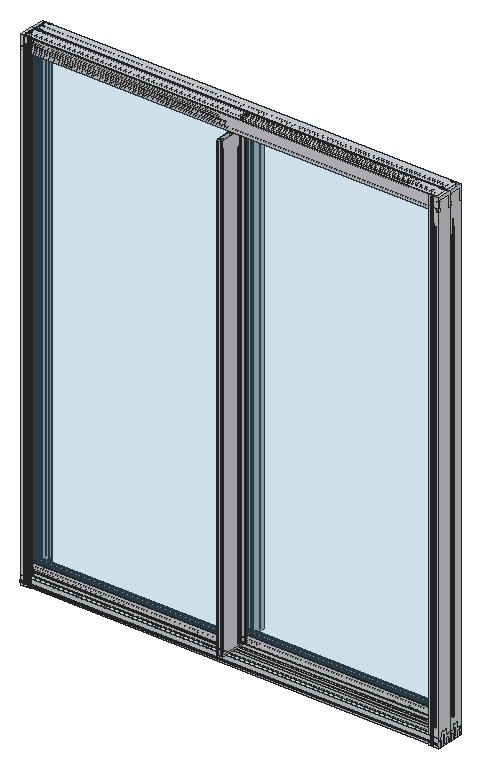
Revit family "Edge S - OX+", category Doors, host Wall, Revit 2019 (continued)
Definition of nested family "Edge S Panel"
  Definition of nested family "Panel Head"
    Automatic sketch dimensions
      Extrusion 1 sketch curve to Extrusion 1 sketch curve = 0.12637"
      Extrusion 1 sketch curve to Extrusion 1 sketch curve = 0.375"
      Extrusion 1 sketch curve to Extrusion 1 sketch curve = 0.07068"
      Extrusion 1 sketch curve to Extrusion 1 sketch curve = 0.05568"
      Extrusion 1 sketch curve to Extrusion 1 sketch curve = 0.01135"  (x2)
      Extrusion 1 sketch curve to Extrusion 1 sketch curve = 0.04182"
      Extrusion 1 sketch curve to Extrusion 1 sketch curve = 0.01387"  (x2)
      Extrusion 1 sketch curve to Extrusion 1 sketch curve = 0.025"  (x2)
      Extrusion 1 sketch curve to Extrusion 1 sketch curve = 0.04613"  (x2)
      Extrusion 1 sketch curve to Extrusion 1 sketch curve = 0.05047"  (x2)
      Extrusion 1 sketch curve to Extrusion 1 sketch curve = 0.05068"  (x2)
      Extrusion 1 sketch curve to Extrusion 1 sketch curve = 0.21875"  (x2)
      Extrusion 1 sketch curve to Extrusion 1 sketch curve = 0.00125"  (x2)
      Extrusion 1 sketch curve to Extrusion 1 sketch curve = 0.06375"
      Extrusion 1 sketch curve to Extrusion 1 sketch curve = 0.0325"
  Definition of nested family "Panel Sill"
    Parameters (values of type "Panel Sill")
      Track Width [instance] = 12.000"
    Reference planes (in)
      plane 1 "Center (Front/Back)": y = 0
      plane 2: z = 0
      plane 3 "Center (Left/Right)": x = 0
    Forms (in)
      Extrusion 1, solid
        sketch origin (6.09375, 19.86337, -84.09992) x (0, -1, 0) y (0, 0, 1)
          loop
            line (19.13462, 83.97492) -> (19.22837, 83.97492) -> (19.22837, 84.07243)
            arc (19.22837, 84.07243) -> (19.22032, 84.09187) -> (19.20088, 84.09992) r 0.02748
            line (19.20088, 84.09992) -> (19.09462, 84.09992)
            arc (19.09462, 84.09992) -> (19.0734, 84.09113) -> (19.06462, 84.06992) r 0.03
            arc (19.06462, 84.06992) -> (19.05554, 84.09084) -> (19.03362, 84.09992) r 0.031
            line (19.03362, 84.09992) -> (18.95335, 84.09992)
            arc (18.95335, 84.09992) -> (18.93392, 84.09187) -> (18.92587, 84.07243) r 0.02748
            line (18.92587, 84.07243) -> (18.92587, 82.75592)
            arc (18.92587, 82.75592) -> (18.93495, 82.734) -> (18.95687, 82.72492) r 0.031
            line (18.95687, 82.72492) -> (19.15087, 82.72492) -> (19.15087, 82.68562) -> (18.97265, 82.68562)
            arc (18.97265, 82.68562) -> (19.06758, 82.50898) -> (19.26735, 82.49159) r 0.2109
            arc (19.26735, 82.49159) -> (19.27306, 82.50493) -> (19.26006, 82.51136) r 0.01055
            arc (19.26006, 82.51136) -> (19.11741, 82.52497) -> (19.02638, 82.63562) r 0.1868
            line (19.02638, 82.63562) -> (19.22987, 82.63562) -> (19.22987, 82.60072) -> (19.28487, 82.60072) -> (19.28487, 82.68562) -> (19.20087, 82.68562) -> (19.20087, 82.72492) -> (19.42587, 82.72492) -> (19.42587, 82.97492) -> (19.58212, 82.97492) -> (19.58212, 82.94367) -> (19.45712, 82.94367) -> (19.45712, 82.68242)
            arc (19.45712, 82.68242) -> (19.46297, 82.66827) -> (19.47712, 82.66242) r 0.02
            line (19.47712, 82.66242) -> (19.64462, 82.66242)
            arc (19.64462, 82.66242) -> (19.68881, 82.64411) -> (19.70712, 82.59992) r 0.0625
            line (19.70712, 82.59992) -> (19.70712, 82.41617)
            arc (19.70712, 82.41617) -> (19.70933, 82.39969) -> (19.71581, 82.38438) r 0.0625
            line (19.71581, 82.38438) -> (19.76141, 82.33512)
            arc (19.76141, 82.33512) -> (19.76734, 82.32037) -> (19.76937, 82.3046) r 0.0625
            line (19.76937, 82.3046) -> (19.76937, 82.25642)
            arc (19.76937, 82.25642) -> (19.7969, 82.18995) -> (19.86337, 82.16242) r 0.094
            arc (19.86337, 82.16242) -> (19.92983, 82.18995) -> (19.95737, 82.25642) r 0.094
            line (19.95737, 82.25642) -> (19.95737, 82.3046)
            arc (19.95737, 82.3046) -> (19.95939, 82.32037) -> (19.96532, 82.33512) r 0.0625
            line (19.96532, 82.33512) -> (20.01092, 82.38438)
            arc (20.01092, 82.38438) -> (20.0174, 82.39969) -> (20.01962, 82.41617) r 0.0625
            line (20.01962, 82.41617) -> (20.01962, 82.59992)
            arc (20.01962, 82.59992) -> (20.03792, 82.64411) -> (20.08212, 82.66242) r 0.0625
            line (20.08212, 82.66242) -> (20.24962, 82.66242)
            arc (20.24962, 82.66242) -> (20.26376, 82.66827) -> (20.26962, 82.68242) r 0.02
            line (20.26962, 82.68242) -> (20.26962, 82.94367) -> (20.14462, 82.94367) -> (20.14462, 82.97492) -> (20.30087, 82.97492) -> (20.30087, 82.72492) -> (20.52587, 82.72492) -> (20.52587, 82.68562) -> (20.34759, 82.68562)
            arc (20.34759, 82.68562) -> (20.44251, 82.50898) -> (20.64229, 82.49159) r 0.2109
            arc (20.64229, 82.49159) -> (20.648, 82.50493) -> (20.635, 82.51136) r 0.01055
            arc (20.635, 82.51136) -> (20.49235, 82.52497) -> (20.40132, 82.63562) r 0.1868
            line (20.40132, 82.63562) -> (20.6048, 82.63562) -> (20.6048, 82.60072) -> (20.6598, 82.60072) -> (20.6598, 82.68562) -> (20.57587, 82.68562) -> (20.57587, 82.72492) -> (20.76987, 82.72492)
            arc (20.76987, 82.72492) -> (20.79179, 82.734) -> (20.80087, 82.75592) r 0.031
            line (20.80087, 82.75592) -> (20.80087, 84.07243)
            arc (20.80087, 84.07243) -> (20.79282, 84.09187) -> (20.77338, 84.09992) r 0.02748
            line (20.77338, 84.09992) -> (20.69312, 84.09992)
            arc (20.69312, 84.09992) -> (20.6712, 84.09084) -> (20.66212, 84.06892) r 0.031
            arc (20.66212, 84.06892) -> (20.65333, 84.09113) -> (20.63212, 84.09992) r 0.03
            line (20.63212, 84.09992) -> (20.52585, 84.09992)
            arc (20.52585, 84.09992) -> (20.50642, 84.09187) -> (20.49837, 84.07243) r 0.02748
            line (20.49837, 84.07243) -> (20.49837, 83.97492) -> (20.59212, 83.97492) -> (20.59212, 83.59992) -> (20.55329, 83.59992)
            arc (20.55329, 83.59992) -> (20.54329, 83.58992) -> (20.53329, 83.59992) r 0.01
            line (20.53329, 83.59992) -> (20.49837, 83.59992) -> (20.49837, 83.53742) -> (20.35201, 83.53742)
            arc (20.35201, 83.53742) -> (20.33794, 83.53159) -> (20.33212, 83.51752) r 0.0199
            line (20.33212, 83.51752) -> (20.33212, 83.45854)
            arc (20.33212, 83.45854) -> (20.3383, 83.4436) -> (20.35324, 83.43742) r 0.02113
            line (20.35324, 83.43742) -> (20.60693, 83.43742)
            arc (20.60693, 83.43742) -> (20.63698, 83.44746) -> (20.65497, 83.47355) r 0.05
            line (20.65497, 83.47355) -> (20.67104, 83.52923) -> (20.70712, 83.52923) -> (20.70712, 83.41242) -> (20.55087, 83.41242) -> (20.55087, 83.19367) -> (20.51962, 83.19367) -> (20.51962, 83.41242) -> (19.86337, 83.41242) -> (19.20712, 83.41242) -> (19.20712, 83.19367) -> (19.17587, 83.19367) -> (19.17587, 83.41242) -> (19.01962, 83.41242) -> (19.01962, 83.52923) -> (19.05569, 83.52923) -> (19.07177, 83.47355)
            arc (19.07177, 83.47355) -> (19.08975, 83.44746) -> (19.11981, 83.43742) r 0.05
            line (19.11981, 83.43742) -> (19.37349, 83.43742)
            arc (19.37349, 83.43742) -> (19.38843, 83.4436) -> (19.39462, 83.45854) r 0.02113
            line (19.39462, 83.45854) -> (19.39462, 83.51752)
            arc (19.39462, 83.51752) -> (19.38879, 83.53159) -> (19.37472, 83.53742) r 0.0199
            line (19.37472, 83.53742) -> (19.22837, 83.53742) -> (19.22837, 83.59992) -> (19.19344, 83.59992)
            arc (19.19344, 83.59992) -> (19.18344, 83.58992) -> (19.17344, 83.59992) r 0.01
            line (19.17344, 83.59992) -> (19.13462, 83.59992) -> (19.13462, 83.97492)
        from 0.09375 to 12.09375
    Dimensions and locks (in)
      equal spacing: Extrusion 1, plane 3 "Center (Left/Right)", Extrusion 1
      "Track Width": Extrusion 1 to Extrusion 1
      aligned and locked: plane 2 to level
    Automatic sketch dimensions
      Extrusion 1 sketch curve to Extrusion 1 sketch curve = 0.000"  (x8)
      Extrusion 1 sketch curve to level = 0.000"  (x4)
      Extrusion 1 sketch curve to plane 1 "Center (Front/Back)" = 0.000"  (x3)
      Extrusion 1 sketch curve to plane 1 "Center (Front/Back)" = 0.09375"
      Extrusion 1 sketch curve to plane 1 "Center (Front/Back)" = 0.094"
      Extrusion 1 sketch curve to Extrusion 1 sketch curve = 0.00796"  (x2)
      Extrusion 1 sketch curve to Extrusion 1 sketch curve = 0.05381"  (x2)
      Extrusion 1 sketch curve to Extrusion 1 sketch curve = 0.00869"  (x2)
      Extrusion 1 sketch curve to Extrusion 1 sketch curve = 0.0625"  (x5)
      Extrusion 1 sketch curve to plane 1 "Center (Front/Back)" = 0.28125"
      Extrusion 1 sketch curve to Extrusion 1 sketch curve = 0.1675"  (x2)
      Extrusion 1 sketch curve to Extrusion 1 sketch curve = 0.125"  (x2)
      Extrusion 1 sketch curve to Extrusion 1 sketch curve = 0.03125"  (x6)
      Extrusion 1 sketch curve to plane 1 "Center (Front/Back)" = 0.46875"
      Extrusion 1 sketch curve to Extrusion 1 sketch curve = 0.0199"  (x2)
      Extrusion 1 sketch curve to Extrusion 1 sketch curve = 0.02113"  (x2)
      Extrusion 1 sketch curve to Extrusion 1 sketch curve = 0.141"
      Extrusion 1 sketch curve to Extrusion 1 sketch curve = 0.02171"
      Extrusion 1 sketch curve to Extrusion 1 sketch curve = 0.055"  (x2)
      Extrusion 1 sketch curve to Extrusion 1 sketch curve = 0.14635"  (x2)
      Extrusion 1 sketch curve to level = 0.125"  (x2)
      Extrusion 1 sketch curve to Extrusion 1 sketch curve = 0.16637"
      Extrusion 1 sketch curve to Extrusion 1 sketch curve = 0.02475"
      Extrusion 1 sketch curve to Extrusion 1 sketch curve = 0.02748"  (x2)
      Extrusion 1 sketch curve to Extrusion 1 sketch curve = 0.00425"
      Extrusion 1 sketch curve to Extrusion 1 sketch curve = 0.03492"  (x2)
      Extrusion 1 sketch curve to Extrusion 1 sketch curve = 0.01731"
      Extrusion 1 sketch curve to Extrusion 1 sketch curve = 0.010"  (x2)
      Extrusion 1 sketch curve to Extrusion 1 sketch curve = 0.03269"
      Extrusion 1 sketch curve to Extrusion 1 sketch curve = 0.09375"  (x2)
      Extrusion 1 sketch curve to Extrusion 1 sketch curve = 0.05606"  (x2)
      Extrusion 1 sketch curve to Extrusion 1 sketch curve = 0.10627"  (x2)
      Extrusion 1 sketch curve to level = 0.62637"  (x2)
      Extrusion 1 sketch curve to Extrusion 1 sketch curve = 0.04804"  (x2)
      Extrusion 1 sketch curve to Extrusion 1 sketch curve = 0.01607"  (x2)
      Extrusion 1 sketch curve to Extrusion 1 sketch curve = 0.061"  (x2)
      Extrusion 1 sketch curve to Extrusion 1 sketch curve = 0.12449"
      Extrusion 1 sketch curve to Extrusion 1 sketch curve = 0.03607"
      Extrusion 1 sketch curve to Extrusion 1 sketch curve = 0.05373"  (x2)
      Extrusion 1 sketch curve to Extrusion 1 sketch curve = 0.01579"
      Extrusion 1 sketch curve to Extrusion 1 sketch curve = 0.08027"  (x2)
      Extrusion 1 sketch curve to Extrusion 1 sketch curve = 0.031"  (x3)
      plane 1 "Center (Front/Back)" to Extrusion 1 sketch curve = 0.09375"
      Extrusion 1 sketch curve to Extrusion 1 sketch curve = 0.05454"
      plane 1 "Center (Front/Back)" to Extrusion 1 sketch curve = 0.28125"
      plane 1 "Center (Front/Back)" to Extrusion 1 sketch curve = 0.46875"
      Extrusion 1 sketch curve to Extrusion 1 sketch curve = 0.04672"
      Extrusion 1 sketch curve to Extrusion 1 sketch curve = 0.02125"
      Extrusion 1 sketch curve to Extrusion 1 sketch curve = 0.12455"
      Extrusion 1 sketch curve to Extrusion 1 sketch curve = 0.03263"
      Extrusion 1 sketch curve to Extrusion 1 sketch curve = 0.01737"
      Extrusion 1 sketch curve to Extrusion 1 sketch curve = 0.00419"
      Extrusion 1 sketch curve to Extrusion 1 sketch curve = 0.02894"
      Extrusion 1 sketch curve to Extrusion 1 sketch curve = 0.03329"
      Extrusion 1 sketch curve to Extrusion 1 sketch curve = 0.05215"
      Extrusion 1 sketch curve to Extrusion 1 sketch curve = 0.11006"
      Extrusion 1 sketch curve to level = 0.02748"
      Extrusion 1 sketch curve to Extrusion 1 sketch curve = 0.01501"  (x2)
      Extrusion 1 sketch curve to Extrusion 1 sketch curve = 0.025"
      Extrusion 1 sketch curve to Extrusion 1 sketch curve = 0.21875"  (x6)
      Extrusion 1 sketch curve to Extrusion 1 sketch curve = 0.43775"  (x2)
      Extrusion 1 sketch curve to Extrusion 1 sketch curve = 0.03502"  (x2)
      Extrusion 1 sketch curve to Extrusion 1 sketch curve = 0.00427"  (x2)
      Extrusion 1 sketch curve to Extrusion 1 sketch curve = 0.03929"  (x2)
      Extrusion 1 sketch curve to Extrusion 1 sketch curve = 0.00049"  (x2)
      Extrusion 1 sketch curve to Extrusion 1 sketch curve = 0.0425"  (x2)
      Extrusion 1 sketch curve to Extrusion 1 sketch curve = 0.050"  (x2)
      Extrusion 1 sketch curve to Extrusion 1 sketch curve = 0.0349"  (x2)
      Extrusion 1 sketch curve to Extrusion 1 sketch curve = 0.09945"  (x2)
      Extrusion 1 sketch curve to Extrusion 1 sketch curve = 0.18374"  (x2)
      Extrusion 1 sketch curve to Extrusion 1 sketch curve = 0.04926"  (x2)
      Extrusion 1 sketch curve to Extrusion 1 sketch curve = 0.04818"
      Extrusion 1 sketch curve to Extrusion 1 sketch curve = 0.05898"  (x2)
      Extrusion 1 sketch curve to Extrusion 1 sketch curve = 0.05568"  (x2)
      Extrusion 1 sketch curve to Extrusion 1 sketch curve = 0.030"  (x2)
  Definition of nested family "Keep Interlock with Fin Single"
    Parameters (values of type "Keep Interlock with Fin Single")
      Jamb Height [instance] = 60.000"
    Reference planes (in)
      plane 1 "Center (Front/Back)": y = 0
      plane 2: z = 0
      plane 3 "Center (Left/Right)": x = 0
      plane 4: z = 60
      plane 5: z = 0
      plane 6: y = 2.5
      plane 7: y = 1.25
      plane 8: y = 0
      plane 9: y = -1.25
      plane 10: y = -2.5
      plane 11: x = -0.5
      plane 12: x = 0
      plane 13: x = 0.5
      plane 14: x = -0.5
      plane 15: x = 0
      plane 16: x = 0.5
    Forms (in)
      Extrusion 1, solid
        sketch origin (19.06238, -6.87794, 0) x (1, 0, 0) y (0, 1, 0)
          loop
            line (-19.46238, 4.68419) -> (-19.46238, 2.29044) -> (-19.12238, 2.29044) -> (-19.11878, 2.32517)
            arc (-19.11878, 2.32517) -> (-19.21517, 2.4356) -> (-19.17837, 2.57749) r 0.157
            arc (-19.17837, 2.57749) -> (-19.12681, 2.57986) -> (-19.12444, 2.5283) r 0.0365
            arc (-19.12444, 2.5283) -> (-19.06238, 2.38769) -> (-19.00031, 2.5283) r 0.084
            arc (-19.00031, 2.5283) -> (-18.99794, 2.57986) -> (-18.94638, 2.57749) r 0.0365
            arc (-18.94638, 2.57749) -> (-18.90958, 2.4356) -> (-19.00597, 2.32517) r 0.157
            line (-19.00597, 2.32517) -> (-19.00238, 2.29044) -> (-18.66238, 2.29044) -> (-18.66238, 4.68419) -> (-19.46238, 4.68419)
          loop
            line (-18.56238, 2.19044) -> (-18.56238, 7.00294) -> (-19.21863, 7.00294)
            arc (-19.21863, 7.00294) -> (-19.24988, 6.97169) -> (-19.21863, 6.94044) r 0.03125
            line (-19.21863, 6.94044) -> (-18.68738, 6.94044) -> (-18.68738, 6.62795) -> (-18.72481, 6.62795)
            arc (-18.72481, 6.62795) -> (-18.75001, 6.59944) -> (-18.71863, 6.57794) r 0.02539
            arc (-18.71863, 6.57794) -> (-18.68724, 6.55644) -> (-18.71244, 6.52793) r 0.02539
            line (-18.71244, 6.52793) -> (-18.91231, 6.52793)
            arc (-18.91231, 6.52793) -> (-18.93751, 6.55644) -> (-18.90613, 6.57794) r 0.02539
            arc (-18.90613, 6.57794) -> (-18.87474, 6.59945) -> (-18.89994, 6.62795) r 0.02539
            line (-18.89994, 6.62795) -> (-19.03731, 6.62795)
            arc (-19.03731, 6.62795) -> (-19.06251, 6.59945) -> (-19.03113, 6.57794) r 0.02539
            arc (-19.03113, 6.57794) -> (-18.99974, 6.55644) -> (-19.02494, 6.52793) r 0.02539
            line (-19.02494, 6.52793) -> (-19.28731, 6.52793)
            arc (-19.28731, 6.52793) -> (-19.31251, 6.55644) -> (-19.28113, 6.57794) r 0.02539
            arc (-19.28113, 6.57794) -> (-19.24974, 6.59944) -> (-19.27494, 6.62795) r 0.02539
            line (-19.27494, 6.62795) -> (-19.37488, 6.62795) -> (-19.37488, 6.56544) -> (-19.56238, 6.56544) -> (-19.56238, 6.45769)
            arc (-19.56238, 6.45769) -> (-19.5533, 6.43577) -> (-19.53138, 6.42669) r 0.031
            arc (-19.53138, 6.42669) -> (-19.55341, 6.41808) -> (-19.56238, 6.39669) r 0.03
            line (-19.56238, 6.39669) -> (-19.56238, 6.26294) -> (-19.43738, 6.26294) -> (-19.43738, 6.35669) -> (-19.06238, 6.35669) -> (-19.06238, 6.26294) -> (-18.99988, 6.26294) -> (-18.99988, 6.09669) -> (-18.89988, 6.09669) -> (-18.89988, 6.3715)
            arc (-18.89988, 6.3715) -> (-18.90992, 6.40156) -> (-18.93601, 6.41954) r 0.05
            line (-18.93601, 6.41954) -> (-19.06253, 6.45607) -> (-18.87488, 6.45607) -> (-18.87488, 6.37209) -> (-18.8244, 6.37209)
            arc (-18.8244, 6.37209) -> (-18.67838, 6.31544) -> (-18.8244, 6.2588) r 0.084
            line (-18.8244, 6.2588) -> (-18.87488, 6.2588) -> (-18.87488, 6.03419) -> (-18.68738, 6.03419) -> (-18.68738, 5.22169) -> (-18.87488, 5.22169) -> (-18.87488, 4.99709) -> (-18.8244, 4.99709)
            arc (-18.8244, 4.99709) -> (-18.67838, 4.94044) -> (-18.8244, 4.8838) r 0.084
            line (-18.8244, 4.8838) -> (-18.87488, 4.8838) -> (-18.87488, 4.78419) -> (-18.9904, 4.78419) -> (-18.9904, 4.82064) -> (-18.93601, 4.83634)
            arc (-18.93601, 4.83634) -> (-18.90992, 4.85432) -> (-18.89988, 4.88438) r 0.05
            line (-18.89988, 4.88438) -> (-18.89988, 5.15919) -> (-18.99988, 5.15919) -> (-18.99988, 4.99294) -> (-19.06238, 4.99294) -> (-19.06238, 4.89919) -> (-19.43738, 4.89919) -> (-19.43738, 4.99294) -> (-19.56238, 4.99294) -> (-19.56238, 4.85919)
            arc (-19.56238, 4.85919) -> (-19.55341, 4.8378) -> (-19.53188, 4.82919) r 0.03
            arc (-19.53188, 4.82919) -> (-19.55348, 4.81993) -> (-19.56238, 4.79819) r 0.031
            line (-19.56238, 4.79819) -> (-19.56238, 2.19044) -> (-18.56238, 2.19044)
        from 0 to 60
    Dimensions and locks (in)
      "Jamb Height": plane 4 to plane 5
      plane 5 to level = 0.000"
      aligned and locked: plane 2 to level
      aligned and locked: plane 4 to Extrusion 1
      aligned and locked: plane 5 to Extrusion 1
      aligned and locked: Extrusion 1 to plane 4
    Automatic sketch dimensions
      Extrusion 1 sketch curve to Extrusion 1 sketch curve = 0.000"  (x10)
      Extrusion 1 sketch curve to plane 11 = 0.000"  (x4)
      Extrusion 1 sketch curve to plane 3 "Center (Left/Right)" = 0.000"  (x3)
      Extrusion 1 sketch curve to plane 13 = 0.000"
      Extrusion 1 sketch curve to Extrusion 1 sketch curve = 0.030"  (x3)
      Extrusion 1 sketch curve to Extrusion 1 sketch curve = 0.031"  (x2)
      plane 11 to Extrusion 1 sketch curve = 0.100"
      Extrusion 1 sketch curve to Extrusion 1 sketch curve = 0.095"  (x2)
      plane 11 to Extrusion 1 sketch curve = 0.1875"
      Extrusion 1 sketch curve to Extrusion 1 sketch curve = 0.08756"
      Extrusion 1 sketch curve to Extrusion 1 sketch curve = 0.01237"  (x2)
      Extrusion 1 sketch curve to plane 1 "Center (Front/Back)" = 0.0625"
      Extrusion 1 sketch curve to plane 3 "Center (Left/Right)" = 0.15625"
      Extrusion 1 sketch curve to plane 3 "Center (Left/Right)" = 0.08903"
      Extrusion 1 sketch curve to plane 3 "Center (Left/Right)" = 0.00016"
      plane 3 "Center (Left/Right)" to Extrusion 1 sketch curve = 0.02506"
      plane 3 "Center (Left/Right)" to Extrusion 1 sketch curve = 0.03744"
      plane 3 "Center (Left/Right)" to Extrusion 1 sketch curve = 0.05641"
      Extrusion 1 sketch curve to Extrusion 1 sketch curve = 0.00359"  (x2)
      Extrusion 1 sketch curve to Extrusion 1 sketch curve = 0.0625"  (x3)
      plane 3 "Center (Left/Right)" to Extrusion 1 sketch curve = 0.0625"
      plane 3 "Center (Left/Right)" to Extrusion 1 sketch curve = 0.07198"
      plane 3 "Center (Left/Right)" to Extrusion 1 sketch curve = 0.08903"
      Extrusion 1 sketch curve to Extrusion 1 sketch curve = 0.04052"
      plane 3 "Center (Left/Right)" to Extrusion 1 sketch curve = 0.1125"
      Extrusion 1 sketch curve to Extrusion 1 sketch curve = 0.01387"  (x2)
      Extrusion 1 sketch curve to Extrusion 1 sketch curve = 0.02369"
      Extrusion 1 sketch curve to Extrusion 1 sketch curve = 0.01238"
      Extrusion 1 sketch curve to Extrusion 1 sketch curve = 0.100"  (x3)
      Extrusion 1 sketch curve to Extrusion 1 sketch curve = 0.025"  (x3)
      Extrusion 1 sketch curve to Extrusion 1 sketch curve = 0.06113"
      Extrusion 1 sketch curve to Extrusion 1 sketch curve = 0.05047"  (x4)
      Extrusion 1 sketch curve to Extrusion 1 sketch curve = 0.06203"  (x2)
      plane 13 to Extrusion 1 sketch curve = 0.16244"
      Extrusion 1 sketch curve to Extrusion 1 sketch curve = 0.03744"
      plane 13 to Extrusion 1 sketch curve = 0.125"
      plane 13 to Extrusion 1 sketch curve = 0.100"
      plane 1 "Center (Front/Back)" to Extrusion 1 sketch curve = 0.24999"  (x2)
      Extrusion 1 sketch curve to Extrusion 1 sketch curve = 0.02539"  (x6)
      Extrusion 1 sketch curve to Extrusion 1 sketch curve = 0.06251"
      Extrusion 1 sketch curve to Extrusion 1 sketch curve = 0.04924"  (x4)
      Extrusion 1 sketch curve to Extrusion 1 sketch curve = 0.10775"
      Extrusion 1 sketch curve to Extrusion 1 sketch curve = 0.07187"
      Extrusion 1 sketch curve to Extrusion 1 sketch curve = 0.03652"
      Extrusion 1 sketch curve to Extrusion 1 sketch curve = 0.00058"  (x2)
      Extrusion 1 sketch curve to Extrusion 1 sketch curve = 0.09937"
      Extrusion 1 sketch curve to Extrusion 1 sketch curve = 0.05664"  (x2)
      Extrusion 1 sketch curve to Extrusion 1 sketch curve = 0.09375"  (x3)
      Extrusion 1 sketch curve to Extrusion 1 sketch curve = 0.16625"  (x2)
      Extrusion 1 sketch curve to plane 9 = 0.40625"
      Extrusion 1 sketch curve to Extrusion 1 sketch curve = 0.16211"
      Extrusion 1 sketch curve to Extrusion 1 sketch curve = 0.00414"
      Extrusion 1 sketch curve to Extrusion 1 sketch curve = 0.040"
      Extrusion 1 sketch curve to Extrusion 1 sketch curve = 0.0157"
      Extrusion 1 sketch curve to Extrusion 1 sketch curve = 0.061"
      Extrusion 1 sketch curve to Extrusion 1 sketch curve = 0.05215"
      Extrusion 1 sketch curve to Extrusion 1 sketch curve = 0.114"
      Extrusion 1 sketch curve to plane 10 = 1.82505"
      Extrusion 1 sketch curve to Extrusion 1 sketch curve = 0.0812"
      Extrusion 1 sketch curve to Extrusion 1 sketch curve = 0.14652"
      Extrusion 1 sketch curve to Extrusion 1 sketch curve = 0.03473"  (x2)
      Extrusion 1 sketch curve to Extrusion 1 sketch curve = 0.03125"
      Extrusion 1 sketch curve to Extrusion 1 sketch curve = 0.00051"
      Extrusion 1 sketch curve to Extrusion 1 sketch curve = 0.00049"
      Extrusion 1 sketch curve to Extrusion 1 sketch curve = 0.02697"
      Extrusion 1 sketch curve to plane 3 "Center (Left/Right)" = 0.060"
Definition of nested family "Keep Interlock with Blade Hardware"
  Parameters (values of type "Keep Interlock with Blade Hardware")
    Jamb Height [instance] = 84.000"
    Hardware Height [instance] = 36.000"
  Reference planes (in)
    plane 1 "Center (Front/Back)": y = 0
    plane 2: z = 0
    plane 3 "Center (Left/Right)": x = 0
    plane 4: z = 84
    plane 5: z = 0
    plane 6: y = 2.5
    plane 7: y = 1.25
    plane 8: y = 0
    plane 9: y = -1.25
    plane 10: y = -2.5
    plane 11: x = -0.5
    plane 12: x = 0
    plane 13: x = 0.5
    plane 14: x = -0.5
    plane 15: x = 0
    plane 16: x = 0.5
  Forms (in)
    Extrusion 1, solid
      sketch origin (19.06238, -6.87794, 0) x (1, 0, 0) y (0, 1, 0)
        loop
          line (-19.46238, 4.68419) -> (-19.46238, 2.29044) -> (-19.12238, 2.29044) -> (-19.11878, 2.32517)
          arc (-19.11878, 2.32517) -> (-19.21517, 2.4356) -> (-19.17837, 2.57749) r 0.157
          arc (-19.17837, 2.57749) -> (-19.12681, 2.57986) -> (-19.12444, 2.5283) r 0.0365
          arc (-19.12444, 2.5283) -> (-19.06238, 2.38769) -> (-19.00031, 2.5283) r 0.084
          arc (-19.00031, 2.5283) -> (-18.99794, 2.57986) -> (-18.94638, 2.57749) r 0.0365
          arc (-18.94638, 2.57749) -> (-18.90958, 2.4356) -> (-19.00597, 2.32517) r 0.157
          line (-19.00597, 2.32517) -> (-19.00238, 2.29044) -> (-18.66238, 2.29044) -> (-18.66238, 4.68419) -> (-19.46238, 4.68419)
        loop
          line (-18.56238, 2.19044) -> (-18.56238, 7.00294) -> (-19.21863, 7.00294)
          arc (-19.21863, 7.00294) -> (-19.24988, 6.97169) -> (-19.21863, 6.94044) r 0.03125
          line (-19.21863, 6.94044) -> (-18.68738, 6.94044) -> (-18.68738, 6.62795) -> (-18.72481, 6.62795)
          arc (-18.72481, 6.62795) -> (-18.75001, 6.59944) -> (-18.71863, 6.57794) r 0.02539
          arc (-18.71863, 6.57794) -> (-18.68724, 6.55644) -> (-18.71244, 6.52793) r 0.02539
          line (-18.71244, 6.52793) -> (-18.91231, 6.52793)
          arc (-18.91231, 6.52793) -> (-18.93751, 6.55644) -> (-18.90613, 6.57794) r 0.02539
          arc (-18.90613, 6.57794) -> (-18.87474, 6.59945) -> (-18.89994, 6.62795) r 0.02539
          line (-18.89994, 6.62795) -> (-19.03731, 6.62795)
          arc (-19.03731, 6.62795) -> (-19.06251, 6.59945) -> (-19.03113, 6.57794) r 0.02539
          arc (-19.03113, 6.57794) -> (-18.99974, 6.55644) -> (-19.02494, 6.52793) r 0.02539
          line (-19.02494, 6.52793) -> (-19.28731, 6.52793)
          arc (-19.28731, 6.52793) -> (-19.31251, 6.55644) -> (-19.28113, 6.57794) r 0.02539
          arc (-19.28113, 6.57794) -> (-19.24974, 6.59944) -> (-19.27494, 6.62795) r 0.02539
          line (-19.27494, 6.62795) -> (-19.37488, 6.62795) -> (-19.37488, 6.56544) -> (-19.56238, 6.56544) -> (-19.56238, 6.45769)
          arc (-19.56238, 6.45769) -> (-19.5533, 6.43577) -> (-19.53138, 6.42669) r 0.031
          arc (-19.53138, 6.42669) -> (-19.55341, 6.41808) -> (-19.56238, 6.39669) r 0.03
          line (-19.56238, 6.39669) -> (-19.56238, 6.26294) -> (-19.43738, 6.26294) -> (-19.43738, 6.35669) -> (-19.06238, 6.35669) -> (-19.06238, 6.26294) -> (-18.99988, 6.26294) -> (-18.99988, 6.09669) -> (-18.89988, 6.09669) -> (-18.89988, 6.3715)
          arc (-18.89988, 6.3715) -> (-18.90992, 6.40156) -> (-18.93601, 6.41954) r 0.05
          line (-18.93601, 6.41954) -> (-19.06253, 6.45607) -> (-18.87488, 6.45607) -> (-18.87488, 6.37209) -> (-18.8244, 6.37209)
          arc (-18.8244, 6.37209) -> (-18.67838, 6.31544) -> (-18.8244, 6.2588) r 0.084
          line (-18.8244, 6.2588) -> (-18.87488, 6.2588) -> (-18.87488, 6.03419) -> (-18.68738, 6.03419) -> (-18.68738, 5.22169) -> (-18.87488, 5.22169) -> (-18.87488, 4.99709) -> (-18.8244, 4.99709)
          arc (-18.8244, 4.99709) -> (-18.67838, 4.94044) -> (-18.8244, 4.8838) r 0.084
          line (-18.8244, 4.8838) -> (-18.87488, 4.8838) -> (-18.87488, 4.78419) -> (-18.9904, 4.78419) -> (-18.9904, 4.82064) -> (-18.93601, 4.83634)
          arc (-18.93601, 4.83634) -> (-18.90992, 4.85432) -> (-18.89988, 4.88438) r 0.05
          line (-18.89988, 4.88438) -> (-18.89988, 5.15919) -> (-18.99988, 5.15919) -> (-18.99988, 4.99294) -> (-19.06238, 4.99294) -> (-19.06238, 4.89919) -> (-19.43738, 4.89919) -> (-19.43738, 4.99294) -> (-19.56238, 4.99294) -> (-19.56238, 4.85919)
          arc (-19.56238, 4.85919) -> (-19.55341, 4.8378) -> (-19.53188, 4.82919) r 0.03
          arc (-19.53188, 4.82919) -> (-19.55348, 4.81993) -> (-19.56238, 4.79819) r 0.031
          line (-19.56238, 4.79819) -> (-19.56238, 2.19044) -> (-18.56238, 2.19044)
      from 0 to 84
  Lines and regions (in)
    model lines, not visible
      curve 1: line (0.5, -2.75824, 28.92082) -> (0.5, -1.75824, 28.92082)
      curve 2: line (0.5, -2.75824, 24.92082) -> (0.5, -2.75824, 28.92082)
      curve 3: line (0.5, -1.75824, 24.92082) -> (0.5, -2.75824, 24.92082)
      curve 4: line (0.5, -1.75824, 28.92082) -> (0.5, -1.75824, 24.92082)
      curve 5: line (0.5, -1.75824, 26.92082) -> (0.5, -2.75824, 26.92082)
      curve 6: line (0.5, -2.25824, 28.92082) -> (0.5, -2.25824, 24.92082)
      curve 7: line (0.5, -2.75824, 27.92082) -> (0.5, -1.75824, 27.92082)
    model lines
      curve 8: line (-0.5, -3.88324, 37) -> (-0.5, -2.88324, 37)
      curve 9: line (-0.5, -3.88324, 33) -> (-0.5, -3.88324, 37)
      curve 10: line (-0.5, -2.88324, 33) -> (-0.5, -3.88324, 33)
      curve 11: line (-0.5, -2.88324, 37) -> (-0.5, -2.88324, 33)
      curve 12: line (-0.5, -2.88324, 35) -> (-0.5, -3.88324, 35)
      curve 13: line (-0.5, -3.38324, 37) -> (-0.5, -3.38324, 33)
      curve 14: line (-0.5, -3.88324, 36) -> (-0.5, -2.88324, 36)
  Dimensions and locks (in)
    "Jamb Height": plane 4 to plane 5
    plane 5 to level = 0.000"
    "Hardware Height": curve 14 to plane 5
    aligned and locked: plane 2 to level
    aligned and locked: plane 4 to Extrusion 1
    aligned and locked: plane 5 to Extrusion 1
    aligned and locked: Extrusion 1 to plane 4
  Automatic sketch dimensions
    Extrusion 1 sketch curve to Extrusion 1 sketch curve = 0.000"  (x10)
    Extrusion 1 sketch curve to plane 11 = 0.000"  (x4)
    Extrusion 1 sketch curve to plane 3 "Center (Left/Right)" = 0.000"  (x3)
    Extrusion 1 sketch curve to plane 13 = 0.000"
    Extrusion 1 sketch curve to Extrusion 1 sketch curve = 0.030"  (x3)
    Extrusion 1 sketch curve to Extrusion 1 sketch curve = 0.031"  (x2)
    plane 11 to Extrusion 1 sketch curve = 0.100"
    Extrusion 1 sketch curve to Extrusion 1 sketch curve = 0.095"  (x2)
    plane 11 to Extrusion 1 sketch curve = 0.1875"
    Extrusion 1 sketch curve to Extrusion 1 sketch curve = 0.08756"
    Extrusion 1 sketch curve to Extrusion 1 sketch curve = 0.01237"  (x2)
    Extrusion 1 sketch curve to plane 1 "Center (Front/Back)" = 0.0625"
    Extrusion 1 sketch curve to plane 3 "Center (Left/Right)" = 0.15625"
    Extrusion 1 sketch curve to plane 3 "Center (Left/Right)" = 0.08903"
    Extrusion 1 sketch curve to plane 3 "Center (Left/Right)" = 0.00016"
    plane 3 "Center (Left/Right)" to Extrusion 1 sketch curve = 0.02506"
    plane 3 "Center (Left/Right)" to Extrusion 1 sketch curve = 0.03744"
    plane 3 "Center (Left/Right)" to Extrusion 1 sketch curve = 0.05641"
    Extrusion 1 sketch curve to Extrusion 1 sketch curve = 0.00359"  (x2)
    Extrusion 1 sketch curve to Extrusion 1 sketch curve = 0.0625"  (x3)
    plane 3 "Center (Left/Right)" to Extrusion 1 sketch curve = 0.0625"
    plane 3 "Center (Left/Right)" to Extrusion 1 sketch curve = 0.07198"
    plane 3 "Center (Left/Right)" to Extrusion 1 sketch curve = 0.08903"
    Extrusion 1 sketch curve to Extrusion 1 sketch curve = 0.04052"
    plane 3 "Center (Left/Right)" to Extrusion 1 sketch curve = 0.1125"
    Extrusion 1 sketch curve to Extrusion 1 sketch curve = 0.01387"  (x2)
    Extrusion 1 sketch curve to Extrusion 1 sketch curve = 0.02369"
    Extrusion 1 sketch curve to Extrusion 1 sketch curve = 0.01238"
    Extrusion 1 sketch curve to Extrusion 1 sketch curve = 0.100"  (x3)
    Extrusion 1 sketch curve to Extrusion 1 sketch curve = 0.025"  (x3)
    Extrusion 1 sketch curve to Extrusion 1 sketch curve = 0.06113"
    Extrusion 1 sketch curve to Extrusion 1 sketch curve = 0.05047"  (x4)
    Extrusion 1 sketch curve to Extrusion 1 sketch curve = 0.06203"  (x2)
    plane 13 to Extrusion 1 sketch curve = 0.16244"
    Extrusion 1 sketch curve to Extrusion 1 sketch curve = 0.03744"
    plane 13 to Extrusion 1 sketch curve = 0.125"
    plane 13 to Extrusion 1 sketch curve = 0.100"
    plane 1 "Center (Front/Back)" to Extrusion 1 sketch curve = 0.24999"  (x2)
    Extrusion 1 sketch curve to Extrusion 1 sketch curve = 0.02539"  (x6)
    Extrusion 1 sketch curve to Extrusion 1 sketch curve = 0.06251"
    Extrusion 1 sketch curve to Extrusion 1 sketch curve = 0.04924"  (x4)
    Extrusion 1 sketch curve to Extrusion 1 sketch curve = 0.10775"
    Extrusion 1 sketch curve to Extrusion 1 sketch curve = 0.07187"
    Extrusion 1 sketch curve to Extrusion 1 sketch curve = 0.03652"
    Extrusion 1 sketch curve to Extrusion 1 sketch curve = 0.00058"  (x2)
    Extrusion 1 sketch curve to Extrusion 1 sketch curve = 0.09937"
    Extrusion 1 sketch curve to Extrusion 1 sketch curve = 0.05664"  (x2)
    Extrusion 1 sketch curve to Extrusion 1 sketch curve = 0.09375"  (x3)
    Extrusion 1 sketch curve to Extrusion 1 sketch curve = 0.16625"  (x2)
    Extrusion 1 sketch curve to plane 9 = 0.40625"
    Extrusion 1 sketch curve to Extrusion 1 sketch curve = 0.16211"
    Extrusion 1 sketch curve to Extrusion 1 sketch curve = 0.00414"
    Extrusion 1 sketch curve to Extrusion 1 sketch curve = 0.040"
    Extrusion 1 sketch curve to Extrusion 1 sketch curve = 0.0157"
    Extrusion 1 sketch curve to Extrusion 1 sketch curve = 0.061"
    Extrusion 1 sketch curve to Extrusion 1 sketch curve = 0.05215"
    Extrusion 1 sketch curve to Extrusion 1 sketch curve = 0.114"
    Extrusion 1 sketch curve to plane 10 = 1.82505"
    Extrusion 1 sketch curve to Extrusion 1 sketch curve = 0.0812"
    Extrusion 1 sketch curve to Extrusion 1 sketch curve = 0.14652"
    Extrusion 1 sketch curve to Extrusion 1 sketch curve = 0.03473"  (x2)
    Extrusion 1 sketch curve to Extrusion 1 sketch curve = 0.03125"
    Extrusion 1 sketch curve to Extrusion 1 sketch curve = 0.00051"
    Extrusion 1 sketch curve to Extrusion 1 sketch curve = 0.00049"
    Extrusion 1 sketch curve to Extrusion 1 sketch curve = 0.02697"
    Extrusion 1 sketch curve to plane 3 "Center (Left/Right)" = 0.060"
    curve 1 to curve 1 = 1.000"
    curve 2 to curve 2 = 4.000"
    curve 1 to curve 6 = 0.500"
    curve 5 to curve 1 = 2.000"
    curve 7 to curve 1 = 1.000"
    curve 8 to curve 8 = 1.000"
    curve 9 to curve 9 = 4.000"
    curve 8 to curve 13 = 0.500"
    curve 8 to curve 12 = 2.000"
    curve 8 to curve 14 = 1.000"
Types (4): name | Total Track Width | Single Blade Offset | Rough Width | Recommended Wall Thickness | Panel Width | Panel Opening Width | Number of Panels | Number of Keeps | Net Panel Width | Interlocks and Fins | Width | Daylight Width | Center of Interlock Location
  OXX | 7.500" | 37.36433" | 111.375" | 11.500" | 37.33333" | 110.000" | 3 | 2 | 112.000" | no | 108.000" | 108.000" | 36.83333"
  OXXX | 10.000" | 37.281" | 147.375" | 14.000" | 37.250" | 146.000" | 4 | 3 | 149.000" | no | 144.000" | 144.000" | 36.750"
  OXXXX | 12.500" | 37.231" | 183.375" | 16.500" | 37.200" | 182.000" | 5 | 4 | 186.000" | no | 180.000" | 180.000" | 36.700"
  OX | 5.000" | 37.531" | 75.375" | 9.000" | 37.500" | 74.000" | 2 | 1 | 75.000" | yes | 72.000" | 72.000" | 37.000"
